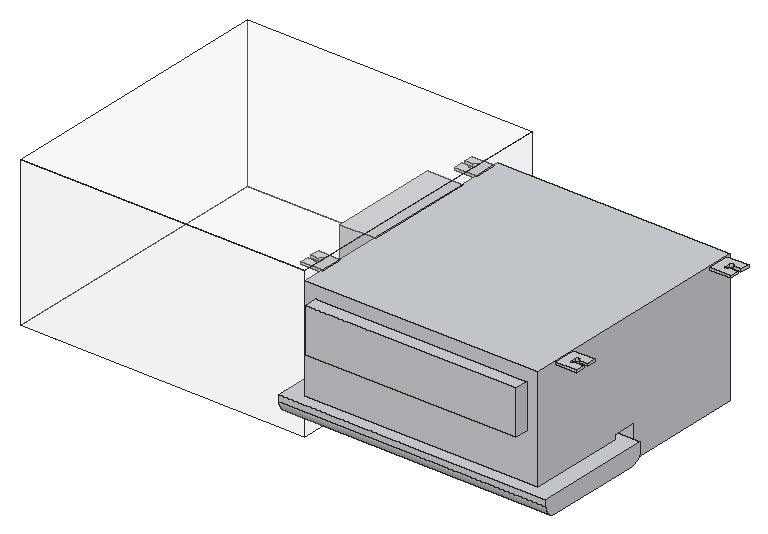
Revit family "pefy-p22_36mlg9(-r)_50Hz", category 機械設備, Revit 2019
Family settings
  丸型コネクタ寸法 = 直径を使用
  パーツ タイプ = 標準
  OmniClass 番号 = 23.75.10.24.21.27.27
  OmniClass タイトル = Split System Air Conditioning Units
  作業面ベース = いいえ
  常に垂直 = はい
  ロード時にボイドで切り取り = いいえ
  共有 = いいえ
  部屋計算ポイント = はい
Parameters (values of type "PEFY-P22MLG9")
  騒音レベル（弱）(dB) = 44
  騒音レベル（中）(dB) = 46
  風量（弱）（m3／min） = 4.8
  風量（中）（m3／min） = 5.8
  風量（m3／min） = 7.9
  音響パワーレベル(dB) = 49
  電圧_電気ヒーター = 0 V
  電動機出力_送風機 = 23 W
  運転質量 = 0.00 kg
  説明 = "ビル用マルチエアコン 室内ユニット 天井埋込形"
  設計暖房能力 [instance] = 0 kW
  設計冷房能力_顕熱 [instance] = 0 kW
  設計冷房能力 [instance] = 0 kW
  設置方法 = "天井吊(隠ぺい)形"
  製造元 = "三菱電機株式会社"
  製品質量 = 18.00 kg
  製品出荷対象 = "国内"
  製品リリース年月 = "2022年9月15日"
  製品グループ = ""
  表示 = yes
  系統 [instance] = ""
  相_電気ヒーター = 1
  盤記号 [instance] = ""
  特殊仕様 [instance] = ""
  消費電力_電気ヒーター = 0 W
  消費電力_暖房 = 60 W
  消費電力_加湿器 = 0 W
  消費電力_冷房 = 60 W
  消費電力 = if(消費電力_冷房 > 消費電力_暖房, 消費電力_冷房, 消費電力_暖房) + 消費電力_加湿器 + 消費電力_電気ヒーター  # 60 W
  法定耐用年数 = "15"
  機外静圧 = 5.0 Pa
  極数 = 1
  材質 [instance] = ""
  形式_加湿器 = ""
  形式 = "天井吊（隠ぺい）形（両ダクト形）"
  幹線記号 [instance] = ""
  呼称 = "室内機_天井吊(隠ぺい)形(両ダクト形)"
  台数_手元リモコン [instance] = ""
  台数_冷媒分岐ユニット [instance] = ""
  参照している仕様書等のバージョン = "公共建築工事標準仕様書（機械設備工事編）平成31年度版"
  加湿給水管径 = 0.00 mm
  分類コード = "50053003221070"
  分類グループ = ""
  冷媒高低圧ガス管径 = 0.00 mm
  価格 = 0
  企業コード = "108420"
  付属品_フィルター = ""
  付属品 [instance] = ""
  仕様書バージョン = "Version1.0"
  モデル = "PEFY-P22MLG9"
  コメント [instance] = ""
  Keynote = ""
  Width = 530 mm
  Version = ""
  Uniclass2015Version = "Systems v1.9"
  Uniclass2015Title = "Split coil remote air cooled condensing units"
  Uniclass2015Code = "Pr_70_65_03_84"
  URL = "https://www.mitsubishielectric.co.jp/ldg/wink/ssl/displayProduct.do?pid=320325"
  SpecificationReference = ""
  SpecificationDescription = ""
  風量 = MAX風量  # 474.0 m³/h
  電源種別 = ""
  電圧 = 200 V
  連動 = ""
  質量 = if(製品質量 > 運転質量, 製品質量, 運転質量) * 1.2  # 21.60 kg
  負荷分類 = 10_ファンコイル類
  記号 [instance] = ""
  符号 = "ACP-CID"
  積算_科目 = "1 空気調和設備"
  積算_拾い区分 [instance] = ""
  相 = 1
  発停方法 = ""
  火災停止 = ""
  本体マテリアル = none
  有効加湿量 = 0
  暖房能力 = 2.5 kW
  始動方式 = "直入"
  周波数 = 50 Hz
  冷房能力 = 2.2 kW
  冷媒管径符号 = "Ac"
  冷媒管径 = 100.00 mm
  冷媒液管径 = 6.35 mm
  冷媒ガス管径 = 12.70 mm
  ドレン管径 = 27.20 mm
  Revision = ""
  R-表示 = no
  ProductInformation = ""
  OmniClassCode = "23-33 17 13 11"
  MIN風量 = 風量（弱）（m3／min） * 60.0 m³/h  # 288.0 m³/h
  MID風量 = 風量（中）（m3／min） * 60.0 m³/h  # 348.0 m³/h
  MAX風量 = 風量（m3／min） * 60.0 m³/h  # 474.0 m³/h
  IfcTypeProduct = ""
  IfcProduct = ""
  IfcExportType = "AIRCONDITIONINGUNIT"
  IfcExportAs = "IfcUnitaryEquipmentType"
  Height = 300 mm
  Depth = 550 mm
  Author = "三菱電機株式会社"
Types (6, lengths in mm): name | 騒音レベル（弱）(dB) | 騒音レベル（中）(dB) | 風量（m3／min） | 音響パワーレベル(dB) | 電動機出力_送風機 | 表示 | 消費電力_暖房 | 消費電力_冷房 | 消費電力 | モデル | URL | 風量 | 暖房能力 | 冷房能力 | R-表示 | MAX風量
  PEFY-P22MLG9 | 44 | 46 | 7.9 | 49 | 23 W | yes | 60 W | 60 W | 60 W | "PEFY-P22MLG9" | "https://www.mitsubishielectric.co.jp/ldg/wink/ssl/displayProduct.do?pid=320325" | 474.0 m³/h | 2.5 kW | 2.2 kW | no | 474.0 m³/h
  PEFY-P22MLG9-R | 44 | 46 | 7.9 | 49 | 23 W | no | 60 W | 60 W | 60 W | "PEFY-P22MLG9-R" | "https://www.mitsubishielectric.co.jp/ldg/wink/ssl/displayProduct.do?pid=320326" | 474.0 m³/h | 2.5 kW | 2.2 kW | yes | 474.0 m³/h
  PEFY-P28MLG9 | 45 | 46 | 7.9 | 50 | 23 W | yes | 60 W | 60 W | 60 W | "PEFY-P28MLG9" | "https://www.mitsubishielectric.co.jp/ldg/wink/ssl/displayProduct.do?pid=320327" | 474.0 m³/h | 3.2 kW | 2.8 kW | no | 474.0 m³/h
  PEFY-P28MLG9-R | 45 | 46 | 7.9 | 50 | 23 W | no | 60 W | 60 W | 60 W | "PEFY-P28MLG9-R" | "https://www.mitsubishielectric.co.jp/ldg/wink/ssl/displayProduct.do?pid=320328" | 474.0 m³/h | 3.2 kW | 2.8 kW | yes | 474.0 m³/h
  PEFY-P36MLG9 | 46 | 47 | 9.3 | 53 | 28 W | yes | 80 W | 80 W | 80 W | "PEFY-P36MLG9" | "https://www.mitsubishielectric.co.jp/ldg/wink/ssl/displayProduct.do?pid=320329" | 558.0 m³/h | 4 kW | 3.6 kW | no | 558.0 m³/h
  PEFY-P36MLG9-R | 46 | 47 | 9.3 | 53 | 28 W | no | 80 W | 80 W | 80 W | "PEFY-P36MLG9-R" | "https://www.mitsubishielectric.co.jp/ldg/wink/ssl/displayProduct.do?pid=320330" | 558.0 m³/h | 4 kW | 3.6 kW | yes | 558.0 m³/h
Reference planes
  plane 1 "中心(正面/背面)": y = 0
  plane 2: z = 0
  plane 3 "中心(左/右)": x = 0
  plane 4 "左": x = -265
  plane 5 "右": x = 265
  plane 6 "正面": y = -275
  plane 7 "背面": y = 275
  plane 8: z = 300
  plane 9: z = 320
  plane 10: z = -20
  plane 11: y = 375
  plane 12: y = -375
  plane 13: x = -915
  plane 14: x = -465
  plane 15: x = 915
  plane 16: x = 465
Lines and regions (mm)
  Masking region 1, detail levels coarse+medium
    outline origin (0, 0, 0) x (1, 0, 0) y (0, 1, 0)
      loop
        line (-265, 275) -> (-265, -275) -> (265, -275) -> (265, 275) -> (-265, 275)
Dimensions and locks
  "Height": plane 8 to level
  equal spacing: plane 4 "左", plane 3 "中心(左/右)", plane 5 "右"
  "Width": plane 4 "左" to plane 5 "右"
  equal spacing: plane 6 "正面", plane 1 "中心(正面/背面)", plane 7 "背面"
  "Depth": plane 6 "正面" to plane 7 "背面"
  locked: plane 9 to plane 8 at 20
  locked: plane 2 to plane 10 at 20
  locked: plane 13 to plane 4 "左" at 650
  locked: plane 13 to plane 14 at 450
  locked: plane 6 "正面" to plane 11 at 650
  locked: plane 12 to plane 7 "背面" at 650
  locked: plane 5 "右" to plane 15 at 650
  locked: plane 16 to plane 15 at 450
  aligned and locked: level to plane 2
  aligned and locked: plane 10 to nested 3
  aligned and locked: plane 9 to nested 3
  aligned and locked: plane 2 to nested 4
  aligned and locked: plane 9 to nested 4
  aligned and locked: nested 2 to plane 3 "中心(左/右)"
  aligned and locked: nested 2 to plane 1 "中心(正面/背面)"
  aligned and locked: plane 15 to nested 4
  aligned and locked: plane 11 to nested 4
  aligned and locked: plane 5 "右" to nested 4
  aligned and locked: plane 6 "正面" to nested 4
  aligned and locked: plane 4 "左" to nested 3
  aligned and locked: plane 13 to nested 3
  aligned and locked: plane 1 "中心(正面/背面)" to nested 1
  aligned and locked: nested 1 to plane 3 "中心(左/右)"
  aligned and locked: plane 6 "正面" to nested 3
  aligned and locked: plane 11 to nested 3
Automatic sketch dimensions
  Masking region 1 sketch curve to plane 4 "左" = 0 mm
  Masking region 1 sketch curve to plane 5 "右" = 0 mm
  plane 6 "正面" to Masking region 1 sketch curve = 0 mm
  plane 7 "背面" to Masking region 1 sketch curve = 0 mm
Nested families
  nested 1: "PEFY-P-MLG" at (0, 0, 0) x (0, -1, 0) z (0, 0, 1), 表示 <- "表示", ①奥行き <- "Width", ①幅 <- "Depth", ①高さ <- "Height", ガス径 <- "冷媒ガス管径", ドレン径 <- "ドレン管径", 配管径 <- "冷媒管径", 液径 <- "冷媒液管径", type "PEFY-P-MLG"
    with 配管径 100 mm, 表示 yes, 液径 6.35 mm, 液W 27 mm, 液H 153 mm, 液D 62 mm, 吊りボルトW 439 mm, 吊りボルトH 0 mm, 吊りボルトD 584 mm, 加湿器径 0 mm, 加湿器W 0 mm, 加湿器H 0 mm, 加湿器D 0 mm, ドレン径 27.2 mm, ドレンW 109 mm, ドレンH 252 mm, ドレンD 62 mm, ダクト高 100 mm, ダクト幅 480 mm, ガス径 12.7 mm, ガスW 139 mm, ガスH 37 mm, ガスD 75 mm, ①高さ 300 mm, ①幅 550 mm, ①奥行き 530 mm
  nested 2: "PEFY-P-MLG" at (0, 0, 0) x (0, -1, 0) z (0, 0, 1), 表示 <- "R-表示", type "PEFY-P-MLG"
    with 配管径 100 mm, 表示 no, 液径 6.35 mm, 液W 27 mm, 液H 153 mm, 液D 62 mm, 吊りボルトW 439 mm, 吊りボルトH 0 mm, 吊りボルトD 584 mm, 加湿器径 0 mm, 加湿器W 0 mm, 加湿器H 0 mm, 加湿器D 0 mm, ドレン径 20 mm, ドレンW 109 mm, ドレンH 252 mm, ドレンD 62 mm, ダクト高 100 mm, ダクト幅 480 mm, ガス径 12.7 mm, ガスW 139 mm, ガスH 37 mm, ガスD 75 mm, ①高さ 300 mm, ①幅 550 mm, ①奥行き 530 mm
  nested 3: "サービススペース(PEFY-P-MLG)" at (-590, 50, 150), visible <- "表示", type "サービススペース(PEFY-P-MLG)"
    with Width 650 mm, Height 340 mm, Depth 650 mm
  nested 4: "サービススペース(PEFY-P-MLG)" at (590, 50, 160), visible <- "R-表示", type "サービススペース(PEFY-P-MLG)"
    with Width 650 mm, Height 320 mm, Depth 650 mm
Connectors
  electrical at (-345, 50, 187.5), driven by "極数", driven by "負荷分類", driven by "電圧", driven by "消費電力"
    settings: on nested 1, index 1, voltage 200 V, apparent load 60 VA, apparent load phase1 0 VA, apparent load phase2 0 VA, apparent load phase3 0 VA, power factor 1, load classification "10_ファンコイル類", number of poles 1, system type 30, power factor state 1, is connector primary yes, connector utility no, sub classification motor no, connector description ""
  piping at (-327, -166, 48), diameter 27.2, driven by "ドレン管径"
    settings: on nested 1, index 2, connector inside diameter 609.60 mm, connector length 0 mm, flow factor 0, pipe flow 0.0 L/s, pressure drop 0.0 Pa, fitting loss kfactor 0, connector angle 0.00°, fixture units 0, engagement length 0 mm, angle of deflection 0.00°, flow configuration 1, flow direction 2, fitting loss method 4, system type 16, joint type 0, gender type 0, connector reference index -1, connector utility 0, adjustable connector no, is connector primary yes, connector description ""
  piping at (-327, -109, 110), diameter 6.35, driven by "冷媒液管径"
    settings: on nested 1, index 3, connector inside diameter 609.60 mm, connector length 0 mm, flow factor 0, pipe flow 0.0 L/s, pressure drop 0.0 Pa, fitting loss kfactor 0, connector angle 0.00°, fixture units 0, engagement length 0 mm, angle of deflection 0.00°, flow configuration 1, flow direction 1, fitting loss method 4, system type 7, joint type 0, gender type 0, connector reference index -1, connector utility 0, adjustable connector no, is connector primary no, connector description ""
  piping at (-340, -136, 263), diameter 12.7, driven by "冷媒ガス管径"
    settings: on nested 1, index 4, connector inside diameter 609.60 mm, connector length 0 mm, flow factor 0, pipe flow 0.0 L/s, pressure drop 0.0 Pa, fitting loss kfactor 0, connector angle 0.00°, fixture units 0, engagement length 0 mm, angle of deflection 0.00°, flow configuration 1, flow direction 1, fitting loss method 4, system type 7, joint type 0, gender type 0, connector reference index -1, connector utility 0, adjustable connector no, is connector primary no, connector description ""
  electrical at (345, 50, 187.5), driven by "極数", driven by "負荷分類", driven by "電圧", driven by "消費電力"
    settings: on nested 2, index 5, voltage 200 V, apparent load 60 VA, apparent load phase1 0 VA, apparent load phase2 0 VA, apparent load phase3 0 VA, power factor 1, load classification "10_ファンコイル類", number of poles 1, system type 30, power factor state 1, is connector primary no, connector utility no, sub classification motor no, connector description ""
  piping at (327, -166, 48), diameter 27.2, driven by "ドレン管径"
    settings: on nested 2, index 6, connector inside diameter 609.60 mm, connector length 0 mm, flow factor 0, pipe flow 0.0 L/s, pressure drop 0.0 Pa, fitting loss kfactor 0, connector angle 0.00°, fixture units 0, engagement length 0 mm, angle of deflection 0.00°, flow configuration 1, flow direction 2, fitting loss method 4, system type 16, joint type 0, gender type 0, connector reference index -1, connector utility 0, adjustable connector no, is connector primary no, connector description ""
  piping at (327, -109, 110), diameter 6.35, driven by "冷媒液管径"
    settings: on nested 2, index 7, connector inside diameter 609.60 mm, connector length 0 mm, flow factor 0, pipe flow 0.0 L/s, pressure drop 0.0 Pa, fitting loss kfactor 0, connector angle 0.00°, fixture units 0, engagement length 0 mm, angle of deflection 0.00°, flow configuration 1, flow direction 1, fitting loss method 4, system type 7, joint type 0, gender type 0, connector reference index -1, connector utility 0, adjustable connector no, is connector primary no, connector description ""
  piping at (340, -136, 263), diameter 12.7, driven by "冷媒ガス管径"
    settings: on nested 2, index 8, connector inside diameter 609.60 mm, connector length 0 mm, flow factor 0, pipe flow 0.0 L/s, pressure drop 0.0 Pa, fitting loss kfactor 0, connector angle 0.00°, fixture units 0, engagement length 0 mm, angle of deflection 0.00°, flow configuration 1, flow direction 1, fitting loss method 4, system type 7, joint type 0, gender type 0, connector reference index -1, connector utility 0, adjustable connector no, is connector primary no, connector description ""
Definition of nested family "PEFY-P-MLG"
  Parameters (values of type "PEFY-P-MLG")
    表示 [instance] = yes
    加湿器径 [instance] = 0 mm
    加湿器W [instance] = 0 mm
    加湿器H [instance] = 0 mm
    加湿器D [instance] = 0 mm
    液径 [instance] = 6.35 mm
    吊りボルトW [instance] = 439 mm
    吊りボルトH [instance] = 0 mm
    吊りボルトD [instance] = 584 mm
    配管径 [instance] = 100 mm
    液W [instance] = 27 mm
    液H [instance] = 153 mm
    液D [instance] = 62 mm
    ドレン径 [instance] = 20 mm
    ドレンW [instance] = 109 mm
    ドレンH [instance] = 252 mm
    ドレンD [instance] = 62 mm
    ダクト高 [instance] = 100 mm
    ダクト幅 [instance] = 480 mm
    ガス径 [instance] = 12.7 mm
    ガスW [instance] = 139 mm
    ガスH [instance] = 37 mm
    ガスD [instance] = 75 mm
    ①幅 [instance] = 550 mm
    ①高さ [instance] = 300 mm
    ①奥行き [instance] = 530 mm
  Reference planes
    plane 1 "中心(正面/背面)": y = 0
    plane 2: z = 0
    plane 3 "中心(左/右)": x = 0
    plane 4: x = -275
    plane 5: x = 275
    plane 6: y = 265
    plane 7: y = -265
    plane 8: z = 300
    plane 9: y = 292
    plane 10: y = -292
    plane 11: x = -239
    plane 12: x = 200
    plane 13: z = 295
    plane 14: x = 305
    plane 15: x = -214
    plane 16: x = -264
    plane 17: x = 175
    plane 18: x = 225
    plane 19: y = 315
    plane 20: y = -315
    plane 21: y = -345
    plane 22: z = 75
    plane 23: z = 25
    plane 24: x = 32
    plane 25: x = 75
    plane 26: x = -175
    plane 27: y = 305
    plane 28: y = -305
    plane 29: x = 300
    plane 30: x = 166
    plane 31: z = 65
    plane 32: z = 48
    plane 33: y = -327
    plane 34: y = -240
    plane 35: y = 240
    plane 36: z = 272
    plane 37: z = 172
    plane 38: y = -340
    plane 39: x = 109
    plane 40: x = 136
    plane 41: z = 263
    plane 42: z = 110
  Forms (mm)
    Extrusion 1, solid, visible <- "表示", detail levels fine
      sketch origin (0, 0, 0) x (1, 0, 0) y (0, 1, 0)
        loop
          line (-275, 265) -> (-275, -265) -> (275, -265) -> (275, 265) -> (-275, 265)
      from 75 to 300
    Extrusion 2, solid, visible <- "表示", detail levels fine
      sketch origin (0, 0, 0) x (1, 0, 0) y (0, 1, 0)
        loop
          line (-264, 315) -> (-264, 265) -> (-214, 265) -> (-214, 315) -> (-234, 315) -> (-234, 297)
          arc (-234, 297) -> (-229, 292) -> (-234, 287) r 5
          line (-234, 287) -> (-244, 287)
          arc (-244, 287) -> (-249, 292) -> (-244, 297) r 5
          line (-244, 297) -> (-244, 315) -> (-264, 315)
        loop
          line (-264, -315) -> (-244, -315) -> (-244, -297)
          arc (-244, -297) -> (-249, -292) -> (-244, -287) r 5
          line (-244, -287) -> (-234, -287)
          arc (-234, -287) -> (-229, -292) -> (-234, -297) r 5
          line (-234, -297) -> (-234, -315) -> (-214, -315) -> (-214, -265) -> (-264, -265) -> (-264, -315)
        loop
          line (175, 315) -> (175, 265) -> (225, 265) -> (225, 315) -> (205, 315) -> (205, 297)
          arc (205, 297) -> (210, 292) -> (205, 287) r 5
          line (205, 287) -> (195, 287)
          arc (195, 287) -> (190, 292) -> (195, 297) r 5
          line (195, 297) -> (195, 315) -> (175, 315)
        loop
          line (175, -315) -> (195, -315) -> (195, -297)
          arc (195, -297) -> (190, -292) -> (195, -287) r 5
          line (195, -287) -> (205, -287)
          arc (205, -287) -> (210, -292) -> (205, -297) r 5
          line (205, -297) -> (205, -315) -> (225, -315) -> (225, -265) -> (175, -265) -> (175, -315)
      from 295 to 300
    Extrusion 3, solid, visible <- "表示", detail levels fine
      sketch origin (0, 0, 0) x (1, 0, 0) y (0, 1, 0)
        loop
          line (0, 265) -> (-275, 265) -> (-275, -265) -> (0, -265) -> (0, 265)
      from 0 to 75
    Extrusion 4, solid, visible <- "表示", detail levels fine
      sketch origin (0, 0, 0) x (1, 0, 0) y (0, 0, 1)
        loop
          line (-175, 300) -> (-175, 75) -> (75, 75) -> (75, 300) -> (-175, 300)
      from 265 to 345
    Extrusion 5, solid, visible <- "表示", detail levels fine
      sketch origin (0, 0, 0) x (1, 0, 0) y (0, 0, 1)
        loop
          line (32, 65) -> (32, 50)
          arc (32, 50) -> (39.322, 32.322) -> (57, 25) r 25
          line (57, 25) -> (275, 25)
          arc (275, 25) -> (292.678, 32.322) -> (300, 50) r 25
          line (300, 50) -> (300, 65) -> (32, 65)
      from -305 to 305
    Extrusion 6, solid, visible <- "表示", detail levels fine
      sketch origin (0, 0, 0) x (1, 0, 0) y (0, 0, 1)
        loop
          circle (166, 48) r 10
      from 305 to 327
    Extrusion 7, solid, visible <- "表示", detail levels fine
      sketch origin (0, 0, 0) x (1, 0, 0) y (0, 1, 0)
        loop
          line (275, 265) -> (55, 265) -> (55, -265) -> (275, -265) -> (275, 265)
      from 65 to 75
    Extrusion 8, solid, visible <- "表示", detail levels fine
      sketch origin (0, 0, 0) x (0, 1, 0) y (0, 0, 1)
        loop
          line (240, 272) -> (-240, 272) -> (-240, 172) -> (240, 172) -> (240, 272)
      from 275 to 305
    Extrusion 9, solid, visible <- "表示", detail levels fine
      sketch origin (0, 0, 0) x (1, 0, 0) y (0, 0, 1)
        loop
          circle (136, 263) r 6.35
      from 265 to 340
    Extrusion 10, solid, visible <- "表示", detail levels fine
      sketch origin (0, 0, 0) x (1, 0, 0) y (0, 0, 1)
        loop
          circle (109, 110) r 3.175
      from 265 to 327
  Cuts and joins
    joined: Extrusion 1, Extrusion 3, Extrusion 7
  Dimensions and locks
    equal spacing: plane 7, plane 1 "中心(正面/背面)", plane 6
    "①奥行き": plane 7 to plane 6
    equal spacing: plane 4, plane 3 "中心(左/右)", plane 5
    "①幅": plane 4 to plane 5
    "吊りボルトW": plane 11 to plane 12
    locked: plane 8 to plane 13 at 5
    "吊りボルトD": plane 10 to plane 9
    equal spacing: plane 10, plane 1 "中心(正面/背面)", plane 9
    locked: plane 5 to plane 14 at 30
    locked: plane 12 to plane 14 at 105
    locked: plane 20 to plane 7 at 50
    locked: plane 6 to plane 19 at 50
    plane 16 to plane 11 to plane 15 = 25 mm locked, 25 mm locked
    plane 17 to plane 12 to plane 18 = 25 mm locked, 25 mm locked
    locked: plane 21 to plane 7 at 80
    "①高さ": plane 8 to level
    locked: plane 8 to plane 22 at 225
    locked: plane 4 to plane 26 at 100
    locked: plane 26 to plane 25 at 250
    locked: plane 21 to plane 27 at 650
    locked: plane 28 to plane 7 at 40
    plane 6 to plane 27 = 40 mm
    locked: plane 5 to plane 29 at 25
    locked: plane 24 to plane 29 at 268
    "ドレンW": plane 5 to plane 30
    locked: plane 22 to plane 31 at 10
    locked: plane 22 to plane 23 at 50
    "ドレンH": plane 8 to plane 32
    "ドレンD": plane 33 to plane 7
    locked: plane 7 to plane 34 at 25
    "ダクト幅": plane 34 to plane 35
    locked: plane 8 to plane 36 at 28
    "ダクト高": plane 36 to plane 37
    "ガスD": plane 38 to plane 7
    "ガスW": plane 5 to plane 40
    "液W": plane 40 to plane 39
    "ガスH": plane 8 to plane 41
    "液H": plane 41 to plane 42
    "ドレン径": diameter of Extrusion 6 sketch curve
    "ガス径": diameter of Extrusion 9 sketch curve
    "液径": diameter of Extrusion 10 sketch curve
    aligned and locked: level to plane 2
    aligned and locked: plane 6 to Extrusion 1 sketch curve
    aligned and locked: plane 4 to Extrusion 1 sketch curve
    aligned and locked: Extrusion 1 sketch curve to plane 7
    aligned and locked: Extrusion 1 sketch curve to plane 5
    aligned and locked: plane 8 to Extrusion 1
    aligned and locked: plane 10 to nested 1
    aligned and locked: plane 11 to nested 1
    aligned and locked: plane 12 to nested 1
    aligned and locked: nested 1 to plane 9
    aligned and locked: plane 19 to Extrusion 2 sketch curve  (x4)
    aligned and locked: plane 16 to Extrusion 2 sketch curve
    aligned and locked: Extrusion 2 sketch curve to plane 6  (x2)
    aligned and locked: Extrusion 2 sketch curve to plane 15
    aligned and locked: plane 9 to Extrusion 2 sketch curve  (x4)
    aligned and locked: Extrusion 2 sketch curve to plane 18
    aligned and locked: plane 17 to Extrusion 2 sketch curve
    aligned and locked: Extrusion 2 sketch curve to plane 16
    aligned and locked: Extrusion 2 sketch curve to plane 7  (x2)
    aligned and locked: plane 15 to Extrusion 2 sketch curve
    aligned and locked: plane 20 to Extrusion 2 sketch curve  (x4)
    aligned and locked: plane 10 to Extrusion 2 sketch curve  (x4)
    aligned and locked: plane 18 to Extrusion 2 sketch curve
    aligned and locked: Extrusion 2 sketch curve to plane 17
    aligned and locked: plane 8 to Extrusion 2
    aligned and locked: Extrusion 2 to plane 13
    aligned and locked: Extrusion 1 to plane 22
    aligned and locked: Extrusion 1 to Extrusion 3 sketch curve
    aligned and locked: plane 3 "中心(左/右)" to Extrusion 3 sketch curve
    aligned and locked: Extrusion 3 sketch curve to Extrusion 1  (x2)
    aligned and locked: Extrusion 3 to Extrusion 1
    aligned and locked: Extrusion 4 sketch curve to plane 8
    aligned and locked: plane 26 to Extrusion 4 sketch curve
    aligned and locked: plane 22 to Extrusion 4 sketch curve
    aligned and locked: Extrusion 4 sketch curve to plane 25
    aligned and locked: plane 21 to Extrusion 4
    aligned and locked: Extrusion 4 to plane 7
    aligned and locked: Extrusion 5 sketch curve to plane 31
    aligned and locked: Extrusion 5 sketch curve to plane 24
    aligned and locked: Extrusion 5 sketch curve to plane 29
    aligned and locked: Extrusion 5 sketch curve to plane 23
    aligned and locked: plane 32 to Extrusion 6 sketch curve
    aligned and locked: plane 30 to Extrusion 6 sketch curve
    aligned and locked: plane 28 to Extrusion 5
    aligned and locked: Extrusion 5 to plane 27
    aligned and locked: plane 33 to Extrusion 6
    aligned and locked: Extrusion 6 to plane 28
    aligned and locked: Extrusion 7 sketch curve to plane 5
    aligned and locked: Extrusion 7 sketch curve to plane 6
    aligned and locked: Extrusion 7 sketch curve to plane 7
    aligned and locked: Extrusion 7 to plane 31
    aligned and locked: plane 22 to Extrusion 7
    aligned and locked: plane 36 to Extrusion 8 sketch curve
    aligned and locked: Extrusion 8 sketch curve to plane 37
    aligned and locked: plane 34 to Extrusion 8 sketch curve
    aligned and locked: Extrusion 8 to plane 5
    aligned and locked: plane 14 to Extrusion 8
    aligned and locked: plane 41 to Extrusion 9 sketch curve
    aligned and locked: plane 40 to Extrusion 9 sketch curve
    aligned and locked: plane 39 to Extrusion 10 sketch curve
    aligned and locked: plane 42 to Extrusion 10 sketch curve
    aligned and locked: Extrusion 10 to Extrusion 6
    aligned and locked: Extrusion 10 to plane 7
    aligned and locked: Extrusion 9 to plane 7
    aligned and locked: plane 38 to Extrusion 9
  Automatic sketch dimensions
    Extrusion 2 sketch curve to plane 11 = 5 mm  (x4)
    plane 11 to Extrusion 2 sketch curve = 5 mm  (x3)
    Extrusion 2 sketch curve to plane 12 = 5 mm  (x3)
    plane 12 to Extrusion 2 sketch curve = 5 mm  (x3)
    Extrusion 2 sketch curve to Extrusion 2 sketch curve = 5 mm  (x2)
    plane 9 to Extrusion 2 sketch curve = 5 mm  (x2)
    Extrusion 2 sketch curve to Extrusion 2 sketch curve = 0 mm
    Extrusion 5 sketch curve to plane 31 = 15 mm
    Extrusion 5 sketch curve to plane 5 = 0 mm
    Extrusion 7 sketch curve to plane 25 = 20 mm
    Extrusion 8 sketch curve to plane 35 = 0 mm
  Nested families
    nested 1: "固定点" at (-239, -292, 0), visible <- "表示", type "固定点", detail levels fine
      with W 439 mm, D 584 mm, 中心円 10 mm
  Definition of nested family "固定点"
    Parameters (values of type "固定点")
      中心円 = 20 mm
      W [instance] = 1000 mm
      D [instance] = 1000 mm
    Reference planes
      plane 1 "中心(正面/背面)": y = 0
      plane 2: z = 0
      plane 3 "中心(左/右)": x = 0
      plane 4: x = 1000
      plane 5: y = 1000
    Lines and regions (mm)
      symbolic lines, detail levels fine
        curve 1: circle (0, 1000, 0) r 10 normal (0, 0, 1)
        curve 2: circle (0, 0, 0) r 10 normal (0, 0, 1)
        curve 3: circle (1000, 1000, 0) r 10 normal (0, 0, 1)
        curve 4: circle (1000, 0, 0) r 10 normal (0, 0, 1)
        curve 5: line (-200, 1000, 0) -> (1200, 1000, 0)
        curve 6: line (-200, 0, 0) -> (1200, 0, 0)
        curve 7: line (0, 1200, 0) -> (0, -200, 0)
        curve 8: line (1000, 1200, 0) -> (1000, -200, 0)
    Dimensions and locks
      "W": plane 3 "中心(左/右)" to plane 4
      "D": plane 1 "中心(正面/背面)" to plane 5
      "中心円": diameter of curve 1
      "中心円": diameter of curve 2
      "中心円": diameter of curve 3
      "中心円": diameter of curve 4
      aligned and locked: level to plane 2
      aligned and locked: plane 5 to curve 1
      aligned and locked: plane 3 "中心(左/右)" to curve 1
      aligned and locked: plane 3 "中心(左/右)" to curve 2
      aligned and locked: plane 1 "中心(正面/背面)" to curve 2
      aligned and locked: plane 4 to curve 3
      aligned and locked: plane 5 to curve 3
      aligned and locked: plane 1 "中心(正面/背面)" to curve 4
      aligned and locked: plane 4 to curve 4
      aligned and locked: plane 1 "中心(正面/背面)" to curve 6
      aligned and locked: curve 7 to plane 3 "中心(左/右)"
      aligned and locked: curve 8 to plane 4
    Automatic sketch dimensions
      curve 5 to plane 5 = 0 mm
      curve 6 to plane 3 "中心(左/右)" = 200 mm
      curve 5 to plane 3 "中心(左/右)" = 200 mm
      curve 4 to curve 6 = 200 mm
      curve 3 to curve 5 = 200 mm
      plane 1 "中心(正面/背面)" to curve 8 = 200 mm
      plane 1 "中心(正面/背面)" to curve 7 = 200 mm
      curve 3 to curve 8 = 200 mm
      curve 1 to curve 7 = 200 mm
Definition of nested family "サービススペース(PEFY-P-MLG)"
  Parameters (values of type "サービススペース")
    Width [instance] = 500 mm
    Height [instance] = 500 mm
    Depth [instance] = 500 mm
  Reference planes
    plane 1 "中心(正面/背面)": y = 0
    plane 2: z = 0
    plane 3 "中心(左/右)": x = 0
    plane 4: y = -250
    plane 5: x = 250
    plane 6: y = 250
    plane 7: x = -250
    plane 8: z = 250
    plane 9: z = -250
  Forms (mm)
    Extrusion 1, solid
      sketch origin (-638.939, 0, 72.39) x (1, 0, 0) y (0, 1, 0)
        loop
          line (388.939, 250) -> (388.939, -250) -> (888.939, -250) -> (888.939, 250) -> (388.939, 250)
      from -322.39 to 177.61
  Lines and regions (mm)
    symbolic lines
      curve 1: line (-250, 0, 250) -> (250, 0, 250)
      curve 2: line (-250, 0, -250) -> (-250, 0, 250)
      curve 3: line (250, 0, -250) -> (-250, 0, -250)
      curve 4: line (250, 0, 250) -> (250, 0, -250)
      curve 5: line (0, -250, 250) -> (0, 250, 250)
      curve 6: line (0, -250, -250) -> (0, -250, 250)
      curve 7: line (0, 250, -250) -> (0, -250, -250)
      curve 8: line (0, 250, 250) -> (0, 250, -250)
      curve 9: line (-250, 250, 0) -> (250, 250, 0)
      curve 10: line (-250, -250, 0) -> (-250, 250, 0)
      curve 11: line (250, -250, 0) -> (-250, -250, 0)
      curve 12: line (250, 250, 0) -> (250, -250, 0)
  Dimensions and locks
    equal spacing: plane 7, plane 3 "中心(左/右)", plane 5
    equal spacing: plane 4, plane 1 "中心(正面/背面)", plane 6
    "Depth": plane 4 to plane 6
    "Width": plane 7 to plane 5
    equal spacing: plane 8, plane 2, plane 9
    "Height": plane 8 to plane 9
    aligned and locked: plane 9 to curve 3
    aligned and locked: plane 7 to curve 2
    aligned and locked: curve 4 to plane 5
    aligned and locked: plane 5 to Extrusion 1
    aligned and locked: Extrusion 1 to plane 7
    aligned and locked: Extrusion 1 to plane 9
    aligned and locked: plane 8 to Extrusion 1
    aligned and locked: plane 9 to curve 7
  Automatic sketch dimensions
    plane 4 to Extrusion 1 sketch curve = 0 mm
    Extrusion 1 sketch curve to plane 7 = 0 mm
    Extrusion 1 sketch curve to plane 5 = 0 mm
    plane 6 to Extrusion 1 sketch curve = 0 mm
    curve 2 to plane 8 = 0 mm
    plane 4 to curve 11 = 0 mm
    curve 11 to plane 7 = 0 mm
    curve 11 to plane 5 = 0 mm
    plane 6 to curve 10 = 0 mm
    curve 7 to plane 4 = 0 mm
    curve 7 to plane 6 = 0 mm
    curve 6 to plane 8 = 0 mm
